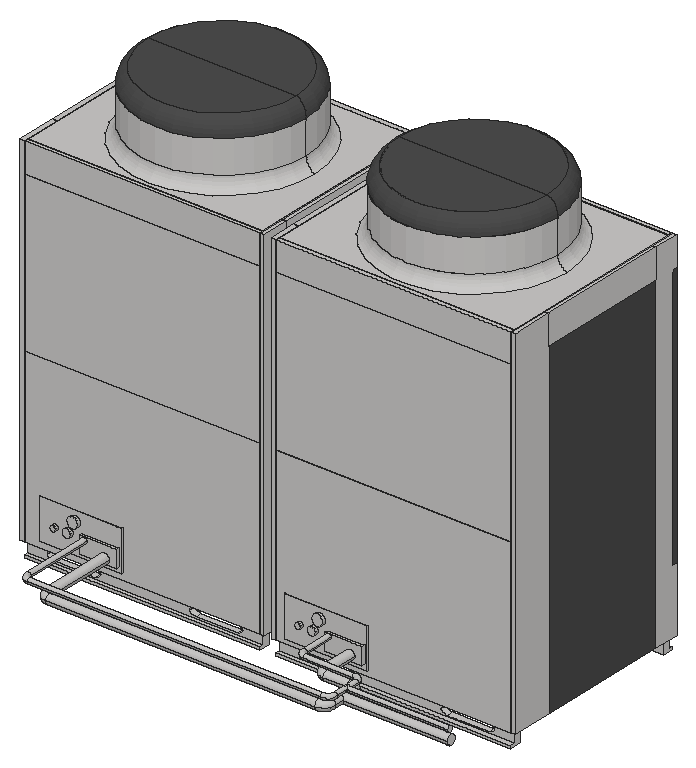
Revit family
Parameters (values of type "PUHY-P144YSHMU-A")
  URL = ""
  Type Comments = "2xPUHY-P72YHMU-A"
  Subcategory = "HVAC"  # constant formula
  Specification URL = "http://www.mrslim.com/customerCare/resources.asp"
  Sound Pressure Levels (dB(A)) = "61"
  SmartBIM Object Version = 3  # constant formula
  SmartBIM Object Created By = "Reed Construction Data"  # constant formula
  Refrigerant Type = "R410A"  # constant formula
  Refrigerant Pipe Diameter (Gas) = "1-1/8\""
  Refrigerant Charge = "2x23lbs 2oz"
  Refrigerant Pipe Diameter (Liquid) = "1/2\""
  Protection Devices Inverter = "Overheat Protection / Thermal Switch"  # constant formula
  Protection Devices High Pressure Protection = "601 psi / 4.15 MPa"  # constant formula
  Protection Devices Fan = "Overheat Protection / Thermal Switch"  # constant formula
  Protection Devices Compressor = "Inverter scroll hermetic"  # constant formula
  Pressure Drop FT (Water Source Only) = ""
  Power Supply Unit = 151/256"
  Power Source = "460, 3, 60"  # constant formula
  Power Input Heating = "11.69 kW"
  Power Input Cooling = "10.87 kW"
  Unit Weight (LBS) = "2x474"
  Outdoor Unit 2 Width = 36 1/4"
  Outdoor Unit 1 Width = 36 1/4"
  Nominal GPM (Water Source Only) = ""
  Model = "PUHY-P144YSHMU-A"
  Manufacturer URL = "http://www.mrslim.com/customerCare/resources.asp"
  Manufacturer = "Mitsubishi Electric"  # constant formula
  Lubriacant = "MEL32"  # constant formula
  Left Air Inlet Width = 19 175/256"
  Left Air Inlet Height = 39 95/256"
  Installation URL = "http://www.mrslim.com/customerCare/resources.asp"
  Indoor Unit Total Capacity = "50 to 130% of ODUs"  # constant formula
  Indoor Unit Model/Quantity = "P06 ~ P96 / 1 to 31"  # constant formula
  Height = 64 31/32"
  Heating Outdoor = "-4° ~ +60°F (-20° ~ +16°C) WB"  # constant formula
  Heating Capacity (BTU) = "160,000"
  Fan Motor Output = "0.92 kW"  # constant formula
  MCA = "2x11"
  MOCP = "2x15"
  External Material = Pre-coated Galvanized-steel Sheets
  Description = "T/YHMU Outdoor Units"  # constant formula
  Depth = 29 15/16"
  Default Elevation = 48"
  Cooling Outdoor = "23° ~ 109°F (-5° ~ +43°C) DB"  # constant formula
  Fan Type x Quantity = "Propeller Fan x 1"  # constant formula
  Current Heating = "16.3 A"
  Current Cooling = "15.1 A"
  Cooling Capacity (BTU) = "144,000"
  Compressor Type = "Inverter scroll hermetic"  # constant formula
  Compressor Operating Range = "10% to 100%"  # constant formula
  Compressor Motor Output = "5.1 kW"  # constant formula
  Fan Air Flow Rate = "7,050 CFM"  # constant formula
  Case Heater = "0.051 kW"  # constant formula
  Back Air Inlet 2 Width = Outdoor Unit 2 Width  # 36 1/4"
  Back Air Inlet 1 Width = Outdoor Unit 1 Width  # 36 1/4"
  Assembly Code = "D3050200"
  Air Outlet Radius = 15 25/128"
  Air Outlet Unit Material = Metal Grille
  Air Inlet Unit Material = Grille
  Air Inlet Radius = 10 53/64"
  Air Inlet Height = 23 159/256"
  Back Air Inlet Height = 39 95/256"
  95 CSI = "15670"  # constant formula
  04 CSI = "23 81 26"  # constant formula
Types (5): name | Type Comments | Sound Pressure Levels (dB(A)) | Refrigerant Charge | Refrigerant Pipe Diameter (Liquid) | Power Input Heating | Power Input Cooling | Unit Weight (LBS) | Outdoor Unit 2 Width | Outdoor Unit 1 Width | Model | Heating Capacity (BTU) | MCA | MOCP | Current Heating | Current Cooling | Cooling Capacity (BTU) | Back Air Inlet 2 Width | Back Air Inlet 1 Width
  PUHY-P144YSHMU-A | "2xPUHY-P72YHMU-A" | "61" | "2x23lbs 2oz" | "1/2\"" | "11.69 kW" | "10.87 kW" | "2x474" | 36 1/4" | 36 1/4" | "PUHY-P144YSHMU-A" | "160,000" | "2x11" | "2x15" | "16.3 A" | "15.1 A" | "144,000" | 36 1/4" | 36 1/4"
  PUHY-P168YSHMU-A | "1xPUHY-P72YHMU-A,1xPUHY-P96YHMU-A" | "61" | "2x19lbs 13oz" | "5/8\"" | "14.73 kW" | "14.11 kW" | "2x474" | 36 1/4" | 36 1/4" | "PUHY-P168YSHMU-A" | "188,000" | "1x11,1x16" | "1x15,1x20" | "20.5 A" | "19.6 A" | "168,000" | 36 1/4" | 36 1/4"
  PUHY-P192YSHMU-A | "1xPUHY-P72YHMU-A,1xPUHY-P120YHMU-A" | "62.5" | "1x19lbs 13oz,1x25lbs 6oz" | "5/8\"" | "15.38 kW" | "15.84 kW" | "1x474,1x574" | 36 1/4" | 48 1/16" | "PUHY-P192YSHMU-A" | "200,000" | "1x11,1x19" | "1x15,1x25" | "21.4 A" | "22.0 A" | "192,000" | 36 1/4" | 48 1/16"
  PUHY-P216YSHMU-A | "1xPUHY-P96YHMU-A,1xPUHY-P120YHMU-A" | "62.5" | "1x19lbs 13oz,1x25lbs 6oz" | "5/8\"" | "18.42 kW" | "19.09 kW" | "1x474,1x574" | 36 1/4" | 48 1/16" | "PUHY-P216YSHMU-A" | "228,000" | "1x16,1x19" | "1x20,1x25" | "25.6 A" | "26.6 A" | "216,000" | 36 1/4" | 48 1/16"
  PUHY-P240YSHMU-A | "2xPUHY-P120YHMU-A" | "62.5" | "2x25lbs 6oz" | "5/8\"" | "19.07 kW" | "20.82 kW" | "2x574" | 48 1/16" | 48 1/16" | "PUHY-P240YSHMU-A " | "240,000" | "2x19" | "2x25" | "26.5 A" | "29.0 A" | "240,000" | 48 1/16" | 48 1/16"
Reference planes (in)
  plane 1 "Center (Front/Back)": y = -0.82677
  plane 2: z = 0
  plane 3 "Center (Left/Right)": x = 0
  plane 4 "Top": z = 64.96875
  plane 5: y = 13.30709
  plane 6: y = -14.96063
  plane 7: z = 54.53568
  plane 8: z = 3.07087
  plane 9: z = 23.33858
  plane 10: z = 51.17323
  plane 11 "Front": y = -16.53543
  plane 12 "Back": y = 13.38583
  plane 13 "Right": x = 36.84055
  plane 14 "Left": x = -36.84055
Forms (in)
  Sweep 1, solid, material "Pre-coated Galvanized-steel Sheets" <- "External Material"
    path origin (21.67101, -0.38853, 4.43247) x (-1, 0, 0) y (0, -1, 0)
      loop
        line (45.51156, 16.71124) -> (45.51156, 27.17597)
        arc (45.51156, 27.17597) -> (45.22328, 27.87195) -> (44.52731, 28.16023) r 0.98425
        line (44.52731, 28.16023) -> (4.49342, 28.16023)
        arc (4.49342, 28.16023) -> (3.79745, 27.87195) -> (3.50917, 27.17597) r 0.98425
        line (3.50917, 27.17597) -> (3.50917, 23.23897)
        arc (3.50917, 23.23897) -> (3.79745, 22.543) -> (4.49342, 22.25472) r 0.98425
        line (4.49342, 22.25472) -> (8.02492, 22.25472)
        arc (8.02492, 22.25472) -> (8.72089, 21.96643) -> (9.00917, 21.27046) r 0.98425
        line (9.00917, 21.27046) -> (9.00917, 16.71124)
    profile origin (-23.84055, -22.33214, 4.43247) x (1, 0, 0) y (0, 0, 1)
      loop
        circle (0, 0) r 0.68898
  Sweep 2, solid, material "Pre-coated Galvanized-steel Sheets" <- "External Material"
    path origin (21.05427, -0.36659, 5.07303) x (-1, 0, 0) y (0, -1, 0)
      loop
        line (47.89482, 16.73318) -> (47.89482, 27.17597)
        arc (47.89482, 27.17597) -> (47.60654, 27.87195) -> (46.91057, 28.16023) r 0.98425
        line (46.91057, 28.16023) -> (3.28041, 28.16023)
        arc (3.28041, 28.16023) -> (2.58444, 27.87195) -> (2.29616, 27.17597) r 0.98425
        line (2.29616, 27.17597) -> (2.29616, 23.23897)
        arc (2.29616, 23.23897) -> (2.58444, 22.543) -> (3.28041, 22.25472) r 0.98425
        line (3.28041, 22.25472) -> (10.5619, 22.25472)
        arc (10.5619, 22.25472) -> (11.25788, 21.96643) -> (11.54616, 21.27046) r 0.98425
        line (11.54616, 21.27046) -> (11.54616, 16.73318)
    profile origin (-26.84055, -22.32117, 5.07303) x (1, 0, 0) y (0, 0, 1)
      loop
        circle (0, 0.69511) r 0.37402
  Sweep 3, solid, material "Pre-coated Galvanized-steel Sheets" <- "External Material"
    path origin (-31.07723, -0.27654, -3.32375) x (1, 0, 0) y (0, 1, 0)
      loop
        line (49.1238, -25.17768) -> (65.48786, -25.17768)
    profile origin (26.2286, -25.45422, -3.32375) x (0, 1, 0) y (0, 0, 1)
      loop
        circle (0, 7.75511) r 0.68898
  Sweep 4, solid, material "Pre-coated Galvanized-steel Sheets" <- "External Material"
    path origin (-34.29024, -0.20723, -3.34646) x (1, 0, 0) y (0, 1, 0)
      loop
        line (53.00367, -25.17768) -> (68.50367, -25.17768)
    profile origin (26.46343, -25.38491, -3.34646) x (0, 1, 0) y (0, 0, 1)
      loop
        circle (0, 9.11613) r 0.37205
  Extrusion 5, solid, material "Pre-coated Galvanized-steel Sheets" <- "External Material"
    sketch origin (24.378, -16.66099, 11.38332) x (-1, 0, 0) y (0, 0, -1)
      loop
        line (15.41367, 5.2076) -> (15.41367, 7.76666) -> (9.90185, 7.76666) -> (9.90185, 5.2076) -> (15.41367, 5.2076)
    from 0 to 0.43878
  Extrusion 6, solid, material "Pre-coated Galvanized-steel Sheets" <- "External Material"
    sketch origin (-36.21063, -16.53543, 27.55118) x (0, 0, -1) y (1, 0, 0)
      loop
        line (18.51054, 2.35643) -> (24.48031, 2.35643) -> (24.48031, 14.65099) -> (18.51054, 14.65099) -> (18.51054, 2.35643)
    from 0 to 0.12555
  Extrusion 7, solid, material "Pre-coated Galvanized-steel Sheets" <- "External Material"
    sketch origin (-36.21063, -16.66099, 27.55118) x (0, 0, -1) y (1, 0, 0)
      loop
        circle (21.82754, 4.68805) r 0.39453
    from 0 to 0.43878
  Extrusion 8, solid, material "Pre-coated Galvanized-steel Sheets" <- "External Material"
    sketch origin (-34.18078, -16.66099, 27.60863) x (0, 0, -1) y (1, 0, 0)
      loop
        circle (21.82754, 4.68805) r 0.58984
    from 0 to 0.43878
  Extrusion 9, solid, material "Pre-coated Galvanized-steel Sheets" <- "External Material"
    sketch origin (-36.21063, -16.66099, 27.55118) x (0, 0, -1) y (1, 0, 0)
      loop
        circle (20.01795, 7.58955) r 0.7874
    from 0 to 0.43878
  Extrusion 10, solid, material "Pre-coated Galvanized-steel Sheets" <- "External Material"
    sketch origin (0.19882, -16.53543, 27.3622) x (0, 0, -1) y (1, 0, 0)
      loop
        line (18.51054, 2.38596) -> (24.48031, 2.38596) -> (24.48031, 14.68052) -> (18.51054, 14.68052) -> (18.51054, 2.38596)
    from 0 to 0.12555
  Extrusion 11, solid, material "Pre-coated Galvanized-steel Sheets" <- "External Material"
    sketch origin (0.19882, -16.66099, 27.3622) x (0, 0, -1) y (1, 0, 0)
      loop
        circle (21.82754, 4.71757) r 0.39453
    from 0 to 0.43878
  Extrusion 12, solid, material "Pre-coated Galvanized-steel Sheets" <- "External Material"
    sketch origin (2.22867, -16.66099, 27.41965) x (0, 0, -1) y (1, 0, 0)
      loop
        circle (21.82754, 4.71757) r 0.58984
    from 0 to 0.43878
  Extrusion 13, solid, material "Pre-coated Galvanized-steel Sheets" <- "External Material"
    sketch origin (0.19882, -16.66099, 27.3622) x (0, 0, -1) y (1, 0, 0)
      loop
        circle (20.01795, 7.61908) r 0.7874
    from 0 to 0.43878
  Extrusion 14, solid, material "Pre-coated Galvanized-steel Sheets" <- "External Material"
    sketch origin (-12.09673, -16.66099, 11.50681) x (-1, 0, 0) y (0, 0, -1)
      loop
        line (15.44319, 5.2076) -> (15.44319, 7.76666) -> (9.93138, 7.76666) -> (9.93138, 5.2076) -> (15.44319, 5.2076)
    from 0 to 0.43878
  Extrusion 15, solid, material "Grille" <- "Air Inlet Unit Material"
    sketch origin (1.22047, 13.38583, 55.51181) x (1, 0, 0) y (0, 0, -1)
      loop
        line (-0.62992, 4.33858) -> (35.62008, 4.33858) -> (35.62008, 43.70968) -> (-0.62992, 43.70968) -> (-0.62992, 4.33858)
    from -0.62992 to 0
  Extrusion 16, solid, material "Grille" <- "Air Inlet Unit Material"
    sketch origin (1.22047, 13.38583, 55.51181) x (1, 0, 0) y (0, 0, -1)
      loop
        line (-38.06102, 4.33757) -> (-1.81102, 4.33757) -> (-1.81102, 43.70866) -> (-38.06102, 43.70866) -> (-38.06102, 4.33757)
    from -0.62992 to 0
  Extrusion 17, solid, material "Grille" <- "Air Inlet Unit Material"
    sketch origin (-36.84055, 9.6063, 55.51181) x (0, 1, 0) y (0, 0, -1)
      loop
        line (0, 53.38583) -> (-20, 53.38583) -> (-20, 4.33858) -> (0, 4.33858) -> (0, 53.38583)
    from -0.62992 to 0
  Extrusion 18, solid, material "Grille" <- "Air Inlet Unit Material"
    sketch origin (36.84055, 9.6063, 55.51181) x (0, 0, -1) y (0, 1, 0)
      loop
        line (4.33858, -20) -> (53.38583, -20) -> (53.38583, 0) -> (4.33858, 0) -> (4.33858, -20)
    from -0.62992 to 0
Cuts and joins
  joined: Sweep 2, Extrusion 6, Extrusion 7, Extrusion 8, Extrusion 9, Extrusion 14
  joined: Sweep 1, Sweep 3
Dimensions and locks (in)
  "Height": plane 4 "Top" to level
  plane 4 "Top" to plane 7 = 10.43307"
  plane 8 to level = 3.07087"
  plane 9 to plane 8 = 20.26772"
  plane 7 to level = 54.53568"
  locked: Sweep 1 sketch curve to Sweep 1 sketch curve at 5.5
  locked: Sweep 1 sketch curve to Sweep 1 sketch curve at 1.39194  (x3)
  locked: Extrusion 5 sketch curve to Extrusion 5 sketch curve at 5.51181
  locked: Extrusion 5 sketch curve to Extrusion 5 sketch curve at 2.55906
  locked: Sweep 3 sketch curve to Sweep 3 sketch curve at 16.36405
  locked: Sweep 4 sketch curve to Sweep 4 sketch curve at 15.5
  locked: Sweep 2 sketch curve to Sweep 2 sketch curve at 1.39194
  locked: Sweep 2 sketch curve to Sweep 2 sketch curve at 9.25
  locked: Extrusion 6 sketch curve to Extrusion 6 sketch curve at 12.29456
  locked: nested 1 to Extrusion 7 sketch curve at 5.31797
  locked: Extrusion 6 to Extrusion 8 sketch curve at 4.36146
  locked: Extrusion 6 to Extrusion 9 sketch curve at 5.23312
  locked: Extrusion 10 sketch curve to Extrusion 10 sketch curve at 12.29456
  locked: Extrusion 10 to Extrusion 12 sketch curve at 4.36146
  locked: Extrusion 10 to Extrusion 13 sketch curve at 5.23312
  locked: Extrusion 10 sketch curve to nested 1 at 1.99423
  locked: nested 1 to Sweep 2 sketch curve at 8.91756
  locked: nested 1 to Sweep 1 sketch curve at 12.07129
  locked: Extrusion 5 sketch curve to nested 1 at 8.37378
  nested 1 to Sweep 4 sketch curve = 18.12288"
  nested 1 to Sweep 3 sketch curve = 17.45603"
  locked: nested 1 to nested 1 at 1.1811
  locked: nested 1 to Sweep 2 sketch curve at 10
  locked: nested 1 to Sweep 1 sketch curve at 13
  equal spacing: nested 1, plane 3 "Center (Left/Right)", nested 1, locked at 0.59055 each
  locked: Extrusion 14 sketch curve to Extrusion 14 sketch curve at 5.51181
  locked: Extrusion 14 sketch curve to Extrusion 14 sketch curve at 2.55906
  locked: Extrusion 14 sketch curve to cut or joined group of Sweep 2, Extrusion 6, Extrusion 7, Extrusion 8, Extrusion 9, Extrusion 14 at 6.31427
  "Back Air Inlet 2 Width": Extrusion 15 sketch curve to Extrusion 15 sketch curve
  "Back Air Inlet Height": Extrusion 15 sketch curve to Extrusion 15 sketch curve
  "Back Air Inlet Height": Extrusion 16 sketch curve to Extrusion 16 sketch curve
  "Back Air Inlet 1 Width": Extrusion 16 sketch curve to Extrusion 16 sketch curve
  radius of Sweep 3 sketch curve = 0.68898"
  radius of Sweep 4 sketch curve = 0.37205"
  radius of Extrusion 7 sketch curve = 101/256"
  radius of Extrusion 8 sketch curve = 151/256"
  radius of Extrusion 11 sketch curve = 101/256"
  radius of Extrusion 12 sketch curve = 151/256"
  aligned and locked: Extrusion 6 to nested 1
  aligned and locked: Extrusion 15 sketch curve to nested 1
  aligned and locked: Extrusion 15 to nested 1  (x2)
  aligned and locked: Extrusion 16 sketch curve to nested 1  (x2)
  aligned and locked: Extrusion 17 sketch curve to nested 1  (x3)
  aligned and locked: plane 10 to Extrusion 17 sketch curve
  aligned and locked: plane 10 to Extrusion 15 sketch curve
  aligned and locked: Extrusion 18 sketch curve to Extrusion 17
  aligned and locked: nested 1 to Extrusion 18 sketch curve
  aligned and locked: Extrusion 18 sketch curve to plane 10
  aligned and locked: Extrusion 18 sketch curve to nested 1
  aligned and locked: Extrusion 18 to nested 1  (x2)
  aligned and locked: Extrusion 17 to nested 1  (x2)
  aligned and locked: Extrusion 5 to Sweep 2 sketch curve
  aligned and locked: Extrusion 5 to Sweep 1 sketch curve
  aligned and locked: Extrusion 16 to nested 1
  aligned and locked: nested 1 to Extrusion 16
  aligned and locked: plane 11 "Front" to nested 1
  aligned and locked: plane 12 "Back" to nested 1
  aligned and locked: plane 13 "Right" to nested 1
  aligned and locked: plane 14 "Left" to nested 1
Automatic sketch dimensions
  Sweep 1 sketch curve to profile plane = 0"  (x2)
  Sweep 2 sketch curve to profile plane = 0"
  profile plane to Sweep 2 sketch curve = 0.69511"
  Sweep 3 sketch curve to profile plane = 0"
  profile plane to Sweep 3 sketch curve = 7.75511"
  Sweep 4 sketch curve to profile plane = 0"
  profile plane to Sweep 4 sketch curve = 9.11613"
  nested 1 to Extrusion 6 sketch curve = 6.91466"
  nested 1 to Extrusion 6 sketch curve = 0.94488"
  Extrusion 7 sketch curve to Extrusion 6 = 2.65277"
  Extrusion 8 sketch curve to Extrusion 6 = 2.71022"
  Extrusion 9 sketch curve to Extrusion 6 = 1.50741"
  nested 1 to Extrusion 6 sketch curve = 2.35643"
  nested 1 to Extrusion 10 sketch curve = 6.72568"
  nested 1 to Extrusion 10 sketch curve = 0.75591"
  Extrusion 11 sketch curve to Extrusion 10 = 2.65277"
  Extrusion 11 sketch curve to Extrusion 10 = 2.33162"
  Extrusion 12 sketch curve to Extrusion 10 = 2.71022"
  Extrusion 13 sketch curve to Extrusion 10 = 1.50741"
  plane 8 to Extrusion 5 sketch curve = 3.10485"
  plane 8 to Extrusion 14 sketch curve = 3.22835"
  Sweep 2 sketch curve to Sweep 2 sketch curve = 0.98425"  (x3)
  Sweep 2 sketch curve to Sweep 2 sketch curve = 4.53729"
  Sweep 2 sketch curve to Sweep 2 sketch curve = 3.93701"
  Sweep 1 sketch curve to Sweep 1 sketch curve = 0.98425"
  plane 6 to Sweep 1 sketch curve = 2.13914"
  Sweep 1 sketch curve to Sweep 1 sketch curve = 4.55922"
  Sweep 1 sketch curve to Sweep 1 sketch curve = 3.93701"
  plane 6 to Sweep 3 sketch curve = 10.49359"
  plane 6 to Sweep 4 sketch curve = 10.42428"
  plane 6 to Sweep 2 sketch curve = 2.13914"
  radius of Sweep 1 sketch curve = 0.68898"
  radius of Sweep 2 sketch curve = 0.37402"
  radius of Extrusion 9 sketch curve = 0.7874"
  radius of Extrusion 13 sketch curve = 0.7874"
Nested families (in)
  nested 1: "Double-OutDoor_Model" at (-24.62106, 0, 0), type "Generic Model"
    with Unit 2 Width 36 1/4", Unit 1 Width 36 1/4"
Connectors (in)
  piping at (34.30063, -25.45422, 4.35754)
    settings: on cut or joined group of Sweep 2, Extrusion 6, Extrusion 7, Extrusion 8, Extrusion 9, Extrusion 14, index 7
  piping at (34.30063, -25.38491, 5.78197)
    settings: on cut or joined group of Sweep 2, Extrusion 6, Extrusion 7, Extrusion 8, Extrusion 9, Extrusion 14, index 8
  electrical at (-28.62108, -17.09977, 7.53323)
    settings: on cut or joined group of Sweep 2, Extrusion 6, Extrusion 7, Extrusion 8, Extrusion 9, Extrusion 14, index 9
  electrical at (7.8179, -17.09977, 7.34425)
    settings: on Extrusion 13, index 10
Definition of nested family "Double-OutDoor_Model"
  Parameters (values of type "Generic Model")
    Unit 2 Width = 36 7/32"
    Unit 1 Width = 36 7/32"
    URL = ""
    SmartBIM Object Version = 3  # constant formula
    SmartBIM Object Created By = "Reed Construction Data"  # constant formula
    Refig Service Valve (Liquid) Radius = 0.3937"
    Refig Service Valve (Gas) Radius = 0.59055"
    Power Supply Unit = 0.59055"
    Model = ""
    Manufacturer = "Mitsubishi Electric & Electronics USA, Inc"
    Left Air Inlet Width = 19.68504"
    Left Air Inlet Height = 39.37008"
    Height = 64.96063"  # constant formula
    External Metarial = Pre-coated Galvanized-steel Sheets
    Depth = 29.92126"  # constant formula
    Back Air Inlet Width = 35.43307"
    Assembly Code = ""
    Air Outlet Unit Radius = 15.19685"
    Air Outlet Unit Material = Metal Grille
    Air Inlet Unit Material = Grille
    Air Inlet Radius = 10.82677"
    Air Inlet Height = 23.62205"
    Air Inlet Bck Unit Height = 39.37008"
    6 = 0"
    4 = 0"
    3 = 0"
  Reference planes (in)
    plane 1 "Center (Front/Back)": y = -1.5748
    plane 2: z = 0
    plane 3 "Top": z = 64.96063
    plane 4: y = 13.38583
    plane 5: y = -16.53543
    plane 6: z = 69.88235
    plane 7: z = 54.52756
    plane 8: z = 3.07087
    plane 9: z = 23.33858
    plane 10: z = 51.17323
  Dimensions and locks (in)
    "Height": plane 3 "Top" to level
    plane 3 "Top" to plane 7 = 10.43307"
    plane 8 to level = 3.07087"
    plane 9 to plane 8 = 20.26772"
    plane 7 to level = 54.52756"
    locked: nested 1 to nested 2 at 1.1811
    aligned and locked: nested 1 to nested 2
  Nested families (in)
    nested 1: "Out-Door-Unit" at (5.82387, -0.9331, 0), type "Out-Door-Unit-R2-Series_Mistdubishi_Electric 1"
      with Width 36 7/32"
    nested 2: "Out-Door-Unit" at (43.38701, -0.9331, 0) x (-1, 0, 0) z (0, 0, 1), type "Out-Door-Unit-R2-Series_Mistdubishi_Electric 2"
  Definition of nested family "Out-Door-Unit"
    Parameters (values of type "Out-Door-Unit-R2-Series_Mistdubishi_Electric")
      Width = 48.0315"
      Refig Service Valve (Liquid) Radius = 0.3937"
      Refig Service Valve (Gas) Radius = 0.59055"
      Power Supply Unit = 0.59055"
      External Material = Pre-coated Galvanized-steel Sheets
      Depth = 29.92126"
      Assembly Code = ""
      Air Outlet Unit Radius = 15.19685"
      Air Outlet Unit Material = Metal Grille
      Air Inlet Radius = 11.02362"  # constant formula
      Air Inlet Unit Material = Grille
      Air Inlet Height = 23.62205"
      Air Inlet Bck Unit Height = 39.37008"
      6 = 0.59055"
      4 = 0.7874"
      3 = 1.37402"
    Types (3): name | Width
      Out-Door-Unit-R2-Series_Mistdubishi_Electric | 48.0315"
      Out-Door-Unit-R2-Series_Mistdubishi_Electric 2 | 36 7/32"
      Out-Door-Unit-R2-Series_Mistdubishi_Electric 1 | 48 1/32"
    Reference planes (in)
      plane 1 "Center (Front/Back)": y = -0.6417
      plane 2: z = 0
      plane 3 "Center (Left/Right)": x = 0.08165
      plane 4: x = -23.9341
      plane 5: x = 24.09739
      plane 6: y = 13.68901
      plane 7: y = -14.97241
      plane 8: z = 27.75591
      plane 9: z = 55.51181
      plane 10: z = 2.12598
      plane 11: y = -7.09839
      plane 12: y = -14.57871
      plane 13: y = 10.5394
      plane 14: z = 51.17323
      plane 15: z = 27.55118
      plane 16: y = -15.60233
      plane 17: y = 14.31893
      plane 18: z = 39.3622
      plane 19: y = 13.29531
      plane 20: z = 62.40157
      plane 21: z = 11.80315
      plane 22: x = -23.30418
      plane 23: z = 64.96063
      plane 24: y = 12.70476
      plane 25: y = -13.98816
      plane 26: x = 23.46747
      plane 27: x = 11.10527
    Forms (in)
      Extrusion 1, solid, material "Pre-coated Galvanized-steel Sheets" <- "External Material"
        sketch origin (0, 0, 0) x (1, 0, 0) y (0, 1, 0)
          loop
            line (-23.30418, 13.68901) -> (-23.30418, -14.97241) -> (23.46747, -14.97241) -> (23.46747, 13.68901) -> (-23.30418, 13.68901)
        from 2.12598 to 55.51181
      Revolve 2, solid, material "Metal Grille" <- "Air Outlet Unit Material"
        sketch origin (0, -0.6417, 0) x (1, 0, 0) y (0, 0, 1)
          loop
            line (0.08165, 62.40157) -> (12.52211, 62.40157)
            arc (12.52211, 62.40157) -> (12.21108, 63.90112) -> (11.10527, 64.96063) r 2.58167
            line (11.10527, 64.96063) -> (0.08165, 64.96063) -> (0.08165, 62.40157)
          axis (0.08165, 62.40157) -> (0.08165, 64.96063)
        angle from 0 to 360
      Extrusion 3, solid, material "Pre-coated Galvanized-steel Sheets" <- "External Material"
        sketch origin (0, -0.6417, 0) x (1, 0, 0) y (0, 0, 1)
          loop
            line (-23.30418, 0) -> (23.46747, 0) -> (23.46747, 2.12598) -> (-23.30418, 2.12598) -> (-23.30418, 0)
        from 14.33071 to 13.34646
      Extrusion 4, void
        sketch origin (0, -0.6417, 0) x (1, 0, 0) y (0, 0, 1)
          loop
            arc (7.54228, 1.80205) -> (6.99693, 1.63716) -> (6.63431, 1.19773) r 0.98425
            arc (6.63431, 1.19773) -> (6.99693, 0.7583) -> (7.54228, 0.59341) r 0.98425
            line (7.54228, 0.59341) -> (19.62889, 0.59341)
            arc (19.62889, 0.59341) -> (20.17424, 0.7583) -> (20.53686, 1.19773) r 0.98425
            arc (20.53686, 1.19773) -> (20.17424, 1.63716) -> (19.62889, 1.80205) r 0.98425
            line (19.62889, 1.80205) -> (7.54228, 1.80205)
        from 13.34646 to 14.33071
      Extrusion 5, void
        sketch origin (0.16329, -0.6417, 0) x (-1, 0, 0) y (0, 0, -1)
          loop
            line (7.54228, -1.80205) -> (19.62889, -1.80205)
            arc (19.62889, -1.80205) -> (20.17424, -1.63716) -> (20.53686, -1.19773) r 0.98425
            arc (20.53686, -1.19773) -> (20.17424, -0.7583) -> (19.62889, -0.59341) r 0.98425
            line (19.62889, -0.59341) -> (7.54228, -0.59341)
            arc (7.54228, -0.59341) -> (6.99693, -0.7583) -> (6.63431, -1.19773) r 0.98425
            arc (6.63431, -1.19773) -> (6.99693, -1.63716) -> (7.54228, -1.80205) r 0.98425
        from 13.34646 to 14.33071
      Extrusion 6, solid, material "Pre-coated Galvanized-steel Sheets" <- "External Material"
        sketch origin (0, -0.01178, 0) x (1, 0, 0) y (0, 0, -1)
          loop
            line (-23.30418, 0) -> (-23.30418, -2.12598) -> (23.46747, -2.12598) -> (23.46747, 0) -> (-23.30418, 0)
        from 13.70079 to 12.71654
      Extrusion 7, void
        sketch origin (0.16329, -0.01178, 0) x (-1, 0, 0) y (0, 0, 1)
          loop
            arc (7.54228, 1.80205) -> (6.99693, 1.63716) -> (6.63431, 1.19773) r 0.98425
            arc (6.63431, 1.19773) -> (6.99693, 0.7583) -> (7.54228, 0.59341) r 0.98425
            line (7.54228, 0.59341) -> (19.62889, 0.59341)
            arc (19.62889, 0.59341) -> (20.17424, 0.7583) -> (20.53686, 1.19773) r 0.98425
            arc (20.53686, 1.19773) -> (20.17424, 1.63716) -> (19.62889, 1.80205) r 0.98425
            line (19.62889, 1.80205) -> (7.54228, 1.80205)
        from 12.71654 to 13.70079
      Extrusion 8, void
        sketch origin (0, -0.01178, 0) x (1, 0, 0) y (0, 0, -1)
          loop
            line (7.54228, -1.80205) -> (19.62889, -1.80205)
            arc (19.62889, -1.80205) -> (20.17424, -1.63716) -> (20.53686, -1.19773) r 0.98425
            arc (20.53686, -1.19773) -> (20.17424, -0.7583) -> (19.62889, -0.59341) r 0.98425
            line (19.62889, -0.59341) -> (7.54228, -0.59341)
            arc (7.54228, -0.59341) -> (6.99693, -0.7583) -> (6.63431, -1.19773) r 0.98425
            arc (6.63431, -1.19773) -> (6.99693, -1.63716) -> (7.54228, -1.80205) r 0.98425
        from 12.71654 to 13.70079
      Extrusion 9, solid, material "Pre-coated Galvanized-steel Sheets" <- "External Material"
        sketch origin (0, 0, 0) x (1, 0, 0) y (0, 1, 0)
          loop
            line (-23.30418, -15.60233) -> (23.46747, -15.60233) -> (23.46747, -14.97241) -> (-23.30418, -14.97241) -> (-23.30418, -15.60233)
        from 51.17323 to 55.51181
      Extrusion 10, solid, material "Pre-coated Galvanized-steel Sheets" <- "External Material"
        sketch origin (0, 0, 0) x (1, 0, 0) y (0, 1, 0)
          loop
            line (-23.30418, -14.97241) -> (-23.30418, -15.60233) -> (23.46747, -15.60233) -> (23.46747, -14.97241) -> (-23.30418, -14.97241)
        from 27.55118 to 51.17323
      Extrusion 11, solid, material "Pre-coated Galvanized-steel Sheets" <- "External Material"
        sketch origin (0, 0, 0) x (1, 0, 0) y (0, 1, 0)
          loop
            line (-23.30418, -14.97241) -> (-23.30418, -15.60233) -> (23.46747, -15.60233) -> (23.46747, -14.97241) -> (-23.30418, -14.97241)
        from 2.12598 to 27.55118
      Extrusion 12, solid, material "Pre-coated Galvanized-steel Sheets" <- "External Material"
        sketch origin (0, 0, 0) x (1, 0, 0) y (0, 1, 0)
          loop
            line (-23.30418, 14.31893) -> (-23.30418, 13.68901) -> (23.46747, 13.68901) -> (23.46747, 14.31893) -> (-23.30418, 14.31893)
        from 2.12598 to 11.80315
      Extrusion 13, solid, material "Pre-coated Galvanized-steel Sheets" <- "External Material"
        sketch origin (0, 0, 0) x (1, 0, 0) y (0, 1, 0)
          loop
            line (-23.30418, 13.68901) -> (23.46747, 13.68901) -> (23.46747, 14.31893) -> (-23.30418, 14.31893) -> (-23.30418, 13.68901)
        from 51.17323 to 55.51181
      Extrusion 14, solid, material "Pre-coated Galvanized-steel Sheets" <- "External Material"
        sketch origin (0.08165, 0, 0) x (0, 1, 0) y (0, 0, 1)
          loop
            line (14.31893, 0) -> (14.31893, 0.3937) -> (13.68901, 0.3937) -> (13.68901, 0) -> (14.31893, 0)
          loop
            line (-15.60233, 0) -> (-14.97241, 0) -> (-14.97241, 0.3937) -> (-15.60233, 0.3937) -> (-15.60233, 0)
        from -23.38583 to 23.38583
      Extrusion 15, solid, material "Pre-coated Galvanized-steel Sheets" <- "External Material"
        sketch origin (-23.30418, 13.68901, 0) x (0, -1, 0) y (0, 0, 1)
          loop
            line (3.14961, 55.51181) -> (3.14961, 51.17323) -> (23.14961, 51.17323) -> (23.14961, 55.51181) -> (3.14961, 55.51181)
        from 0 to 0.62992
      Extrusion 16, solid, material "Pre-coated Galvanized-steel Sheets" <- "External Material"
        sketch origin (-23.30418, 13.68901, 0) x (0, -1, 0) y (0, 0, 1)
          loop
            line (-0.62992, 55.51181) -> (-0.62992, 51.17323) -> (0, 51.17323) -> (0, 11.80315) -> (-0.62992, 11.80315) -> (-0.62992, 2.12598) -> (3.14961, 2.12598) -> (3.14961, 55.51181) -> (-0.62992, 55.51181)
          loop
            line (23.14961, 55.51181) -> (23.14961, 2.12598) -> (29.29134, 2.12598) -> (29.29134, 55.51181) -> (23.14961, 55.51181)
        from 0 to 0.62992
      Extrusion 17, solid, material "Pre-coated Galvanized-steel Sheets" <- "External Material"
        sketch origin (17.56196, 13.68901, 0) x (0, -1, 0) y (0, 0, -1)
          loop
            line (3.14961, -55.51181) -> (25.11811, -55.51181) -> (25.11811, -51.17323) -> (3.14961, -51.17323) -> (3.14961, -55.51181)
        from 5.90551 to 6.53543
      Extrusion 18, solid, material "Pre-coated Galvanized-steel Sheets" <- "External Material"
        sketch origin (17.56196, 13.68901, 0) x (0, -1, 0) y (0, 0, -1)
          loop
            line (-0.62992, -55.51181) -> (3.14961, -55.51181) -> (3.14961, -2.12598) -> (-0.62992, -2.12598) -> (-0.62992, -11.80315) -> (0, -11.80315) -> (0, -51.17323) -> (-0.62992, -51.17323) -> (-0.62992, -55.51181)
          loop
            line (25.11811, -55.51181) -> (29.29134, -55.51181) -> (29.29134, -2.12598) -> (25.11811, -2.12598) -> (25.11811, -55.51181)
        from 5.90551 to 6.53543
      Revolve 19, solid, material "Pre-coated Galvanized-steel Sheets" <- "External Material"
        sketch origin (0, -0.6417, 0) x (1, 0, 0) y (0, 0, 1)
          loop
            line (12.52211, 62.40157) -> (0.08165, 62.40157) -> (0.08165, 55.51181) -> (13.80047, 55.51181)
            arc (13.80047, 55.51181) -> (12.86974, 56.30673) -> (12.52211, 57.48031) r 2.1548
            line (12.52211, 57.48031) -> (12.52211, 62.40157)
          axis (0.08165, 62.40157) -> (0.08165, 55.51181)
        angle from 0 to 360
    Cuts and joins
      Extrusion 4, Extrusion 5, Extrusion 7 cuts Extrusion 3
      Extrusion 7, Extrusion 8 cuts Extrusion 6
      joined: Extrusion 3, Extrusion 6, Extrusion 14
      joined: Extrusion 9, Extrusion 13
    Dimensions and locks (in)
      equal spacing: plane 4, plane 3 "Center (Left/Right)", plane 5
      "Width": plane 4 to plane 5
      equal spacing: plane 6, plane 1 "Center (Front/Back)", plane 7
      "Depth": plane 17 to plane 16
      locked: plane 11 to plane 7 at 7.87402
      Extrusion 4 sketch curve to Extrusion 4 sketch curve = 1.20865"
      locked: plane 12 to plane 7 at 0.3937
      Extrusion 5 sketch curve to Extrusion 5 sketch curve = 1.20865"
      Extrusion 7 sketch curve to Extrusion 7 sketch curve = 1.20865"
      Extrusion 8 sketch curve to Extrusion 8 sketch curve = 1.20865"
      locked: plane 6 to plane 13 at 3.14961
      locked: plane 7 to plane 16 at 0.62992
      locked: plane 17 to plane 6 at 0.62992
      equal spacing: plane 14, plane 18, plane 15
      "Air Inlet Height": plane 14 to plane 15
      locked: plane 6 to plane 19 at 0.3937
      equal spacing: plane 9, plane 8, level
      plane 9 to level = 55.51181"
      "Air Inlet Bck Unit Height": plane 21 to plane 14
      "Air Inlet Radius": Revolve 2 sketch curve to plane 3 "Center (Left/Right)"
      locked: plane 23 to plane 20 at 2.55906
      plane 23 to plane 9 = 9.44882"
      plane 23 to level = 64.96063"
      locked: plane 4 to plane 22 at 0.62992
      locked: plane 6 to plane 24 at 0.98425
      locked: Extrusion 14 sketch curve to level at 0.3937  (x2)
      locked: plane 25 to plane 7 at 0.98425
      locked: plane 10 to level at 2.12598
      locked: plane 26 to plane 5 at 0.62992
      "Air Inlet Radius": plane 27 to plane 3 "Center (Left/Right)"
      locked: plane 27 to Revolve 19 sketch curve at 1.41684
      locked: plane 27 to Revolve 19 sketch curve at 2.6952
      aligned and locked: Extrusion 1 sketch curve to plane 6
      aligned and locked: Extrusion 1 sketch curve to plane 7
      aligned and locked: plane 9 to Extrusion 1
      aligned and locked: Extrusion 1 to plane 10
      aligned and locked: Extrusion 3 sketch curve to level
      aligned and locked: Extrusion 3 sketch curve to plane 10
      aligned and locked: Extrusion 3 to plane 7
      aligned and locked: cut or joined group of Extrusion 3, Extrusion 4, Extrusion 5, Extrusion 6, Extrusion 7, Extrusion 8, Extrusion 14 to plane 2
      aligned and locked: plane 6 to cut or joined group of Extrusion 3, Extrusion 4, Extrusion 5, Extrusion 6, Extrusion 7, Extrusion 8, Extrusion 14
      aligned and locked: plane 10 to cut or joined group of Extrusion 3, Extrusion 4, Extrusion 5, Extrusion 6, Extrusion 7, Extrusion 8, Extrusion 14
      aligned and locked: Extrusion 9 sketch curve to plane 16
      aligned and locked: Extrusion 9 sketch curve to plane 7
      aligned and locked: Extrusion 9 to Extrusion 1
      aligned and locked: Extrusion 9 to plane 14
      aligned and locked: Extrusion 10 sketch curve to plane 16
      aligned and locked: Extrusion 10 sketch curve to plane 7
      aligned and locked: plane 14 to Extrusion 10
      aligned and locked: Extrusion 10 to plane 15
      aligned and locked: Extrusion 11 sketch curve to plane 7
      aligned and locked: Extrusion 11 sketch curve to plane 16
      aligned and locked: Extrusion 11 to Extrusion 1
      aligned and locked: Extrusion 12 sketch curve to plane 17
      aligned and locked: Extrusion 12 sketch curve to plane 6
      aligned and locked: Extrusion 12 to Extrusion 1
      aligned and locked: Extrusion 13 sketch curve to plane 6
      aligned and locked: Extrusion 13 sketch curve to plane 17
      aligned and locked: plane 15 to Extrusion 11
      aligned and locked: Extrusion 13 to plane 14
      aligned and locked: cut or joined group of Extrusion 3, Extrusion 4, Extrusion 5, Extrusion 6, Extrusion 7, Extrusion 8, Extrusion 14 to plane 6
      aligned and locked: plane 6 to Extrusion 8
      aligned and locked: plane 9 to Extrusion 13
      aligned and locked: plane 21 to Extrusion 12
      aligned and locked: plane 23 to Revolve 2 sketch curve
      aligned and locked: plane 20 to Revolve 2 sketch curve
      aligned and locked: plane 3 "Center (Left/Right)" to Revolve 2 sketch curve  (x2)
      aligned and locked: Extrusion 1 sketch curve to plane 22
      aligned and locked: plane 24 to cut or joined group of Extrusion 3, Extrusion 4, Extrusion 5, Extrusion 6, Extrusion 7, Extrusion 8, Extrusion 14
      aligned and locked: plane 17 to Extrusion 14 sketch curve
      aligned and locked: level to Extrusion 14 sketch curve
      aligned and locked: plane 6 to Extrusion 14 sketch curve
      aligned and locked: plane 16 to Extrusion 14 sketch curve
      aligned and locked: Extrusion 14 sketch curve to level
      aligned and locked: plane 7 to Extrusion 14 sketch curve
      aligned and locked: Extrusion 3 to Extrusion 5
      aligned and locked: Extrusion 5 to plane 7
      aligned and locked: Extrusion 3 to Extrusion 4
      aligned and locked: Extrusion 4 to plane 7
      aligned and locked: Extrusion 6 to Extrusion 7
      aligned and locked: plane 6 to Extrusion 7
      aligned and locked: Extrusion 6 to Extrusion 8
      aligned and locked: Extrusion 13 sketch curve to plane 22
      aligned and locked: plane 22 to Extrusion 3 sketch curve
      aligned and locked: plane 22 to Extrusion 6 sketch curve
      aligned and locked: Extrusion 12 sketch curve to plane 22
      aligned and locked: cut or joined group of Extrusion 3, Extrusion 4, Extrusion 5, Extrusion 6, Extrusion 7, Extrusion 8, Extrusion 14 to plane 22
      aligned and locked: Extrusion 9 sketch curve to plane 22
      aligned and locked: Extrusion 10 sketch curve to plane 22
      aligned and locked: Extrusion 11 sketch curve to plane 22
      aligned and locked: Extrusion 13 to Extrusion 15 sketch curve
      aligned and locked: Extrusion 9 to Extrusion 15 sketch curve
      aligned and locked: plane 22 to Extrusion 15
      aligned and locked: Extrusion 15 to plane 4
      aligned and locked: plane 16 to Extrusion 16 sketch curve
      aligned and locked: plane 10 to Extrusion 16 sketch curve  (x2)
      aligned and locked: plane 22 to Extrusion 16
      aligned and locked: Extrusion 16 to plane 4
      aligned and locked: plane 13 to Extrusion 15 sketch curve
      aligned and locked: Extrusion 16 sketch curve to plane 9  (x2)
      aligned and locked: cut or joined group of Extrusion 3, Extrusion 4, Extrusion 5, Extrusion 6, Extrusion 7, Extrusion 8, Extrusion 14 to plane 25
      aligned and locked: Extrusion 1 sketch curve to plane 26
      aligned and locked: Extrusion 13 sketch curve to plane 26
      aligned and locked: Extrusion 12 sketch curve to plane 26
      aligned and locked: Extrusion 14 to Extrusion 1
      aligned and locked: plane 26 to cut or joined group of Extrusion 3, Extrusion 4, Extrusion 5, Extrusion 6, Extrusion 7, Extrusion 8, Extrusion 14
      aligned and locked: Extrusion 9 sketch curve to plane 26
      aligned and locked: Extrusion 10 sketch curve to plane 26
      aligned and locked: Extrusion 11 sketch curve to plane 26
      aligned and locked: plane 26 to Extrusion 3 sketch curve
      aligned and locked: Extrusion 18 sketch curve to plane 17
      aligned and locked: Extrusion 18 sketch curve to plane 9  (x2)
      aligned and locked: Extrusion 18 sketch curve to plane 13
      aligned and locked: plane 10 to Extrusion 18 sketch curve  (x2)
      aligned and locked: plane 16 to Extrusion 18 sketch curve
      aligned and locked: plane 14 to Extrusion 17 sketch curve
      aligned and locked: Extrusion 17 sketch curve to plane 9
      aligned and locked: plane 13 to Extrusion 17 sketch curve
      aligned and locked: Extrusion 16 sketch curve to plane 13
      aligned and locked: Extrusion 16 sketch curve to plane 17
      aligned and locked: Extrusion 18 to plane 26
      aligned and locked: plane 5 to Extrusion 18
      aligned and locked: Extrusion 17 to plane 26
      aligned and locked: plane 5 to Extrusion 17
      aligned and locked: Revolve 19 sketch curve to plane 9
      aligned and locked: Revolve 19 sketch curve to plane 3 "Center (Left/Right)"  (x2)
      aligned and locked: Revolve 19 sketch curve to plane 20
      aligned and locked: Extrusion 17 to Extrusion 18
      aligned and locked: Extrusion 15 sketch curve to Extrusion 16
      aligned and locked: Extrusion 18 sketch curve to plane 14
      aligned and locked: Extrusion 18 sketch curve to plane 6
      aligned and locked: Extrusion 18 sketch curve to plane 21
      aligned and locked: plane 14 to Extrusion 16 sketch curve
      aligned and locked: plane 6 to Extrusion 16 sketch curve
      aligned and locked: plane 21 to Extrusion 16 sketch curve
    Automatic sketch dimensions
      plane 20 to Revolve 2 sketch curve = 0.24906"
      Revolve 2 sketch curve to Revolve 2 sketch curve = 1.15278"
      Revolve 2 sketch curve to Revolve 2 sketch curve = 0.7874"
      Revolve 2 sketch curve to Revolve 2 sketch curve = 0.49213"
      Extrusion 4 sketch curve to plane 10 = 0.92825"
      plane 3 "Center (Left/Right)" to Extrusion 4 sketch curve = 6.55266"
      level to Extrusion 4 sketch curve = 0.59341"
      Extrusion 4 sketch curve to Extrusion 4 sketch curve = 0.90797"  (x2)
      Extrusion 4 sketch curve to Extrusion 4 sketch curve = 0"  (x2)
      Extrusion 4 sketch curve to plane 26 = 3.83858"
      Extrusion 4 sketch curve to Extrusion 4 sketch curve = 0.22439"
      plane 10 to Extrusion 5 sketch curve = 0.92825"
      plane 3 "Center (Left/Right)" to Extrusion 5 sketch curve = 6.55266"
      Extrusion 5 sketch curve to level = 0.59341"
      Extrusion 5 sketch curve to Extrusion 5 sketch curve = 0.90797"  (x2)
      Extrusion 5 sketch curve to Extrusion 5 sketch curve = 0"  (x2)
      Extrusion 5 sketch curve to plane 22 = 3.83858"
      Extrusion 5 sketch curve to Extrusion 5 sketch curve = 0.22439"
      Extrusion 6 sketch curve to plane 10 = 0"
      Extrusion 6 sketch curve to plane 26 = 0"
      Extrusion 6 sketch curve to level = 0"
      Extrusion 7 sketch curve to plane 10 = 0.92825"
      Extrusion 7 sketch curve to plane 3 "Center (Left/Right)" = 6.55266"
      level to Extrusion 7 sketch curve = 0.59341"
      Extrusion 7 sketch curve to Extrusion 7 sketch curve = 0.90797"  (x2)
      Extrusion 7 sketch curve to Extrusion 7 sketch curve = 0"  (x2)
      plane 22 to Extrusion 7 sketch curve = 3.83858"
      Extrusion 7 sketch curve to Extrusion 7 sketch curve = 0.22439"
      Extrusion 8 sketch curve to plane 10 = 0.92825"
      plane 3 "Center (Left/Right)" to Extrusion 8 sketch curve = 6.55266"
      level to Extrusion 8 sketch curve = 0.59341"
      Extrusion 8 sketch curve to Extrusion 8 sketch curve = 0.90797"  (x2)
      Extrusion 8 sketch curve to Extrusion 8 sketch curve = 0"  (x2)
      Extrusion 8 sketch curve to plane 26 = 3.83858"
      Extrusion 8 sketch curve to Extrusion 8 sketch curve = 0.22439"
      plane 9 to Revolve 19 sketch curve = 1.9685"
      Revolve 19 sketch curve to level = 3.98221"
      Revolve 19 sketch curve to plane 23 = 18.29525"
      Extrusion 18 sketch curve to plane 11 = 4.33071"
      Extrusion 17 sketch curve to plane 11 = 4.33071"
      Extrusion 1 to Extrusion 16 sketch curve = 5.51181"
      Extrusion 18 sketch curve to plane 17 = 0"
      Extrusion 16 sketch curve to Extrusion 1 = 0.62992"
